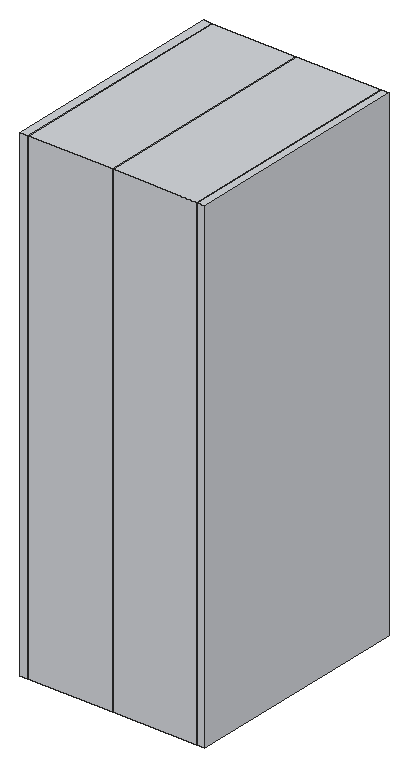
Revit family "WENGER 7-SHELF MUSIC LIBRARY SYSTEM", category Generic Models, Revit 2012
Parameters (values of type "2-UNIT")
  URL = "http://www.wengercorp.com/Home/Contact.html"
  UNIT SPACING = 1' - 4"
  Model = "7-SHELF"
  Manufacturer = "WENGER CORPORATION"
  Keynote = "WENGER MUSIC LIBRARY SYSTEM"
  HEIGHT = 7' - 8"
  ECP WIDTH = 0' - 1 1/2"
  ECP SPACING = # OF UNITS * 1' 4"  # 2' - 8"
  Description = "MUSIC LIBRARY SYSTEM"
  # OF UNITS = 2
Types (25): name | URL | Model | Manufacturer | Keynote | ECP SPACING | Description | # OF UNITS
  (no name) | "http://www.wengercorp.com/Home/Contact.html" | "7-SHELF" | "WENGER CORPORATION" | "WENGER MUSIC LIBRARY SYSTEM" | 2' - 8" | "MUSIC LIBRARY SYSTEM" | 2
  2-UNIT | "http://www.wengercorp.com/Home/Contact.html" | "7-SHELF" | "WENGER CORPORATION" | "WENGER MUSIC LIBRARY SYSTEM" | 2' - 8" | "MUSIC LIBRARY SYSTEM" | 2
  3-UNIT | 0' - 0" | 0' - 0" | 0' - 0" | 0' - 0" | 4' - 0" | 0' - 0" | 3
  4-UNIT | 0' - 0" | 0' - 0" | 0' - 0" | 0' - 0" | 5' - 4" | 0' - 0" | 4
  5-UNIT | 0' - 0" | 0' - 0" | 0' - 0" | 0' - 0" | 6' - 8" | 0' - 0" | 5
  6-UNIT | 0' - 0" | 0' - 0" | 0' - 0" | 0' - 0" | 8' - 0" | 0' - 0" | 6
  7-UNIT | 0' - 0" | 0' - 0" | 0' - 0" | 0' - 0" | 9' - 4" | 0' - 0" | 7
  8-UNIT | 0' - 0" | 0' - 0" | 0' - 0" | 0' - 0" | 10' - 8" | 0' - 0" | 8
  9-UNIT | 0' - 0" | 0' - 0" | 0' - 0" | 0' - 0" | 12' - 0" | 0' - 0" | 9
  10-UNIT | 0' - 0" | 0' - 0" | 0' - 0" | 0' - 0" | 13' - 4" | 0' - 0" | 10
  11-UNIT | 0' - 0" | 0' - 0" | 0' - 0" | 0' - 0" | 14' - 8" | 0' - 0" | 11
  12-UNIT | 0' - 0" | 0' - 0" | 0' - 0" | 0' - 0" | 16' - 0" | 0' - 0" | 12
  13-UNIT | 0' - 0" | 0' - 0" | 0' - 0" | 0' - 0" | 17' - 4" | 0' - 0" | 13
  14-UNIT | 0' - 0" | 0' - 0" | 0' - 0" | 0' - 0" | 18' - 8" | 0' - 0" | 14
  15-UNIT | 0' - 0" | 0' - 0" | 0' - 0" | 0' - 0" | 20' - 0" | 0' - 0" | 15
  16-UNIT | 0' - 0" | 0' - 0" | 0' - 0" | 0' - 0" | 21' - 4" | 0' - 0" | 16
  17-UNIT | 0' - 0" | 0' - 0" | 0' - 0" | 0' - 0" | 22' - 8" | 0' - 0" | 17
  18-UNIT | 0' - 0" | 0' - 0" | 0' - 0" | 0' - 0" | 24' - 0" | 0' - 0" | 18
  19-UNIT | 0' - 0" | 0' - 0" | 0' - 0" | 0' - 0" | 25' - 4" | 0' - 0" | 19
  20-UNIT | 0' - 0" | 0' - 0" | 0' - 0" | 0' - 0" | 26' - 8" | 0' - 0" | 20
  21-UNIT | 0' - 0" | 0' - 0" | 0' - 0" | 0' - 0" | 28' - 0" | 0' - 0" | 21
  22-UNIT | 0' - 0" | 0' - 0" | 0' - 0" | 0' - 0" | 29' - 4" | 0' - 0" | 22
  23-UNIT | 0' - 0" | 0' - 0" | 0' - 0" | 0' - 0" | 30' - 8" | 0' - 0" | 23
  24-UNIT | 0' - 0" | 0' - 0" | 0' - 0" | 0' - 0" | 32' - 0" | 0' - 0" | 24
  25-UNIT | 0' - 0" | 0' - 0" | 0' - 0" | 0' - 0" | 33' - 4" | 0' - 0" | 25
Reference planes (in)
  plane 1 "Center (Front/Back)": y = 0
  plane 2: z = 0
  plane 3 "Center (Left/Right)": x = 0
  plane 4 "BACK": y = 21.75
  plane 5 "FRONT": y = -21.75
  plane 6 "LEFT ECP INSIDE": x = -16
  plane 7 "LEFT ECP OUTSIDE": x = -17.5
  plane 8 "RIGHT ECP INSIDE": x = 16
  plane 9 "RIGHT ECP OUTSIDE": x = 17.5
  plane 10: z = 92
Forms (in)
  Extrusion 1, solid
    sketch origin (0, 0, 0) x (1, 0, 0) y (0, 1, 0)
      loop
        line (-17.5, 21.75) -> (-17.5, -21.75) -> (-16, -21.75) -> (-16, 21.75) -> (-17.5, 21.75)
      loop
        line (16, 21.75) -> (16, -21.75) -> (17.5, -21.75) -> (17.5, 21.75) -> (16, 21.75)
    from 0 to 92
Dimensions and locks (in)
  "ECP WIDTH": plane 7 "LEFT ECP OUTSIDE" to plane 6 "LEFT ECP INSIDE"
  "ECP WIDTH": plane 8 "RIGHT ECP INSIDE" to plane 9 "RIGHT ECP OUTSIDE"
  equal spacing: plane 6 "LEFT ECP INSIDE", plane 3 "Center (Left/Right)", plane 8 "RIGHT ECP INSIDE"
  "ECP SPACING": plane 6 "LEFT ECP INSIDE" to plane 8 "RIGHT ECP INSIDE"
  equal spacing: plane 4 "BACK", plane 1 "Center (Front/Back)", plane 5 "FRONT", locked at 21.75 each
  locked: plane 4 "BACK" to plane 5 "FRONT" at 43.5
  "HEIGHT": plane 10 to plane 2
  group 1 to group 2 = 1' - 4"
  group 1 to group 2 = 0' - 0"  (x2)
  "UNIT SPACING": nested 1 to nested 2
  aligned and locked: plane 2 to level
  aligned and locked: plane 1 "Center (Front/Back)" to nested 1
  aligned and locked: plane 4 "BACK" to nested 1
  aligned and locked: plane 5 "FRONT" to nested 1
  aligned and locked: Extrusion 1 sketch curve to plane 4 "BACK"  (x2)
  aligned and locked: plane 7 "LEFT ECP OUTSIDE" to Extrusion 1 sketch curve
  aligned and locked: plane 5 "FRONT" to Extrusion 1 sketch curve  (x2)
  aligned and locked: Extrusion 1 sketch curve to plane 6 "LEFT ECP INSIDE"
  aligned and locked: plane 8 "RIGHT ECP INSIDE" to Extrusion 1 sketch curve
  aligned and locked: Extrusion 1 sketch curve to plane 9 "RIGHT ECP OUTSIDE"
  aligned and locked: Extrusion 1 to plane 2
  aligned and locked: plane 2 to nested 1
  aligned and locked: Extrusion 1 to nested 1
  aligned and locked: plane 6 "LEFT ECP INSIDE" to nested 1
Nested families (in)
  nested 1: "7-SHELF, 1-UNIT" at (-8, 0, 0), type "7-SHELF, 1-UNIT"
  nested 2: "7-SHELF, 1-UNIT" at (8, 0, 0), type "7-SHELF, 1-UNIT"
Definition of nested family "7-SHELF, 1-UNIT"
  Parameters (values of type "7-SHELF, 1-UNIT")
    HEIGHT = 7' - 8"
    Cabinet Label = Labels : 7-SHELF
  Reference planes (in)
    plane 1 "Center (Front/Back)": y = 0
    plane 2 "BOTTOM": z = 0
    plane 3 "Center (Left/Right)": x = 0
    plane 4 "RIGHT": x = 8
    plane 5 "LEFT": x = -8
    plane 6 "BACK": y = 21.75
    plane 7 "FRONT": y = -21.75
    plane 8 "OPEN POSITION": y = -58.24743
    plane 9 "TOP": z = 92
    plane 10: x = -3.5
    plane 11: x = 3.5
    plane 12 "FRONT DETAIL 1": z = 54
    plane 13 "FRONT DETAIL 2": z = 52.5
    plane 14 "FRONT DETAIL 3": z = 46
    plane 15: x = -1.5
    plane 16: x = 1.5
  Forms (in)
    Extrusion 1, solid
      sketch origin (0, 0, 0) x (1, 0, 0) y (0, 1, 0)
        loop
          line (-8, 21.75) -> (-8, -21.75) -> (8, -21.75) -> (8, 21.75) -> (-8, 21.75)
      from 0 to 92
  Lines and regions (in)
    model lines, style "GenericModelHiddenLines"
      curve 1: line (-8, -21.75, 0) -> (-8, -58.24743, 0)
      curve 2: line (-8, -58.24743, 0) -> (8, -58.24743, 0)
      curve 3: line (8, -58.24743, 0) -> (8, -21.75, 0)
    model lines, style "GenericModel"
      curve 4: line (-1.5, -21.75, 54) -> (1.5, -21.75, 54)
      curve 5: line (1.5, -21.75, 54) -> (1.5, -21.75, 52.5)
      curve 6: line (1.5, -21.75, 52.5) -> (-1.5, -21.75, 52.5)
      curve 7: line (-1.5, -21.75, 52.5) -> (-1.5, -21.75, 54)
      curve 8: line (-3.5, -21.75, 46) -> (3.5, -21.75, 46)
  Dimensions and locks (in)
    equal spacing: plane 5 "LEFT", plane 3 "Center (Left/Right)", plane 4 "RIGHT"
    locked: plane 5 "LEFT" to plane 4 "RIGHT" at 16
    equal spacing: plane 6 "BACK", plane 1 "Center (Front/Back)", plane 7 "FRONT"
    plane 6 "BACK" to plane 7 "FRONT" to plane 8 "OPEN POSITION" = 3' - 7 1/2" locked, 3' - 0.49743" locked
    "HEIGHT": plane 2 "BOTTOM" to plane 9 "TOP"
    plane 12 "FRONT DETAIL 1" to plane 13 "FRONT DETAIL 2" to plane 14 "FRONT DETAIL 3" to plane 2 "BOTTOM" = 0' - 1 1/2" locked, 0' - 6 1/2" locked, 3' - 10" locked
    plane 11 to plane 16 to plane 15 to plane 10 to plane 5 "LEFT" = 0' - 2" locked, 0' - 3" locked, 0' - 2" locked, 0' - 4 1/2" locked
    aligned and locked: plane 2 "BOTTOM" to level
    aligned and locked: Extrusion 1 sketch curve to plane 6 "BACK"
    aligned and locked: plane 5 "LEFT" to Extrusion 1 sketch curve
    aligned and locked: plane 7 "FRONT" to Extrusion 1 sketch curve
    aligned and locked: Extrusion 1 sketch curve to plane 4 "RIGHT"
    aligned and locked: Extrusion 1 to plane 2 "BOTTOM"
    aligned and locked: Extrusion 1 to plane 9 "TOP"
    aligned and locked: curve 1 to plane 5 "LEFT"
    aligned and locked: curve 2 to plane 8 "OPEN POSITION"
    aligned and locked: plane 4 "RIGHT" to curve 3
    aligned and locked: curve 8 to plane 14 "FRONT DETAIL 3"
    aligned and locked: plane 11 to curve 8
    aligned and locked: plane 10 to curve 8
    aligned and locked: plane 15 to curve 7
    aligned and locked: curve 5 to plane 16
    aligned and locked: curve 4 to plane 12 "FRONT DETAIL 1"
    aligned and locked: plane 13 "FRONT DETAIL 2" to curve 6
  Automatic sketch dimensions
    curve 3 to plane 7 "FRONT" = 0' - 0"
    curve 1 to plane 7 "FRONT" = 0' - 0"
  Nested families (in)
    nested 1: "Labels" at (0, 0, 0) x (0, 1, 0) z (0, 0, 1), type <- "Cabinet Label", type "7-SHELF"
  Definition of nested family "Labels"
    Parameters (values of type "6-SHELF")
      Cabinet Label = "6-SHELF"
    Types (2): name | Cabinet Label
      6-SHELF | "6-SHELF"
      7-SHELF | "7-SHELF"
    Reference planes (in)
      plane 1: y = 0
      plane 2: x = 0
    Text (in)
      label "xxxx" at (-0.00018, 0.00754, 0), shows "Cabinet Label"
